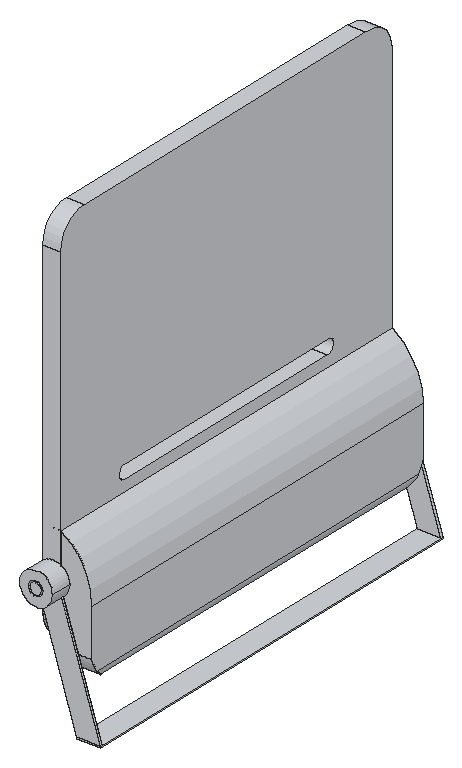
Revit family "2824026", category Generic Models, host Face, Revit 2018
Family settings
  Host = Face
  Can host rebar = No
  Round Connector Dimension = Use Diameter
  Part Type = Normal
  OmniClass Number = 23.80.70.00
  OmniClass Title = Lighting
  Cut with Voids When Loaded = No
  Shared = No
  Room Calculation Point = No
Parameters (values of type "Type Name")
  rotation axis = 142.4 mm
  bracket width = 588 mm
  URL = "http://www.sylvania-lighting.com"
  Type Image = <None>
  Type Comments = "n/a"
  Material_3_SYL = none
  Model = ""
  Manufacturer = "Feilo Sylvania"
  Keynote = ""
  Material_2_SYL = none
  Height = 157.859 mm
  Description = ""
  Default Elevation = 1219.2 mm
  Cost = 0
  Material_1_SYL = none
  Bracket Height = 195 mm
  Assembly Code = ""
  Material_4_SYL = none
Reference planes
  plane 1 "Center (Front/Back)": y = 0
  plane 2: z = 0
  plane 3 "Center (Left/Right)": x = 0
  plane 4: x = -16.5
  plane 5: x = 16.5
  plane 6: z = 155
  plane 7: x = -51.5
  plane 8: z = 137
  plane 9 "Rotation Axis": z = 142.4
  plane 10: z = 152.35
  plane 11: z = 195
  plane 12: x = -73.847
  plane 13: y = 294
  plane 14: y = -294
  plane 15: through (-72.693, -4572, 174.07) normal (-0.3105, 0, 0.9506)
  plane 16: through (-63.557, -4572, 193.954) normal (0.9506, 0, 0.3105)
  plane 17: y = 312
  plane 18: y = 288
  plane 19: y = -312
  plane 20: y = -286
  plane 21: z = 65
Forms (mm)
  Extrusion 1, solid, detail levels medium+fine
    sketch origin (0, 0, 0) x (1, 0, 0) y (0, 1, 0)
      loop
        line (-16.5, 294) -> (-16.5, -294) -> (16.5, -294) -> (16.5, 294) -> (-16.5, 294)
    from 0 to 2
  Extrusion 2, solid, detail levels medium+fine
    sketch origin (1524, -474.9, 1220.035) x (1, 0, 0) y (0, 0, 1)
      loop
        line (-1540.496, -1218.035) -> (-1507.966, -1218.035) -> (-1567.674, -1035.217)
        arc (-1567.674, -1035.217) -> (-1587.557, -1026.081) -> (-1596.693, -1045.965) r 15.473
        line (-1596.693, -1045.965) -> (-1540.496, -1218.035)
    from -180.9 to -182.9
  Extrusion 3, solid, detail levels medium+fine
    sketch origin (0, 0, 0.069) x (1, 0, 0) y (0, 0, 1)
      loop
        line (-16.39, 1.931) -> (16.139, 1.931) -> (-43.636, 184.958)
        arc (-43.636, 184.958) -> (-63.457, 193.922) -> (-72.656, 174.21) r 15.474
        line (-72.656, 174.21) -> (-16.39, 1.931)
    from -294 to -292
  Extrusion 4, solid, detail levels medium+fine
    sketch origin (-6.388, 0, 36.204) x (1, 0, 0) y (0, 0, 1)
      loop
        circle (-51.99, 142.374) r 22.5
    from -286.248 to -312
  Extrusion 5, solid, detail levels medium+fine
    sketch origin (-6.358, 0, 36.195) x (1, 0, 0) y (0, 0, 1)
      loop
        circle (-51.99, 142.374) r 22.5
    from 283.024 to 312
  Extrusion 6, void
    sketch origin (-6.561, 0, 36.284) x (1, 0, 0) y (0, 0, 1)
      loop
        circle (-51.99, 142.374) r 10
    from 294 to 312
  Extrusion 7, solid, detail levels fine
    sketch origin (-6.561, 0, 36.201) x (1, 0, 0) y (0, 0, 1)
      loop
        circle (-51.99, 142.374) r 7.5
    from 294 to 312
  Extrusion 8, void
    sketch origin (1517.357, -324.9, 1255.472) x (1, 0, 0) y (0, 0, 1)
      loop
        circle (-1575.99, -1076.826) r 10
    from -636.9 to -618.9
  Extrusion 9, solid, detail levels fine
    sketch origin (1517.42, -324.9, 1255.374) x (1, 0, 0) y (0, 0, 1)
      loop
        circle (-1575.99, -1076.826) r 7.5
    from -636.9 to -618.9
  Revolve 10, solid, not visible, detail levels coarse
    sketch origin (-58.257, 1655.459, 1254.912) x (0, 1, 0) y (0, 0, 1)
      loop
        line (-1369.21, -1054.349) -> (-1379.437, -1054.349) -> (-1379.437, -1074.349) -> (-1369.21, -1074.349) -> (-1369.21, -1054.349)
      axis (-1369.21, -1076.8) -> (-1379.437, -1076.8)
    angle from 0 to 180
Cuts and joins
  Extrusion 6 cuts Extrusion 5
  Extrusion 8 cuts Extrusion 4
Dimensions and locks
  "Bracket Height": plane 11 to level
  "bracket width": plane 14 to plane 13
  equal spacing: plane 14, plane 1 "Center (Front/Back)", plane 13
  aligned and locked: plane 2 to host face
  aligned and locked: level to host face
Automatic sketch dimensions
  host sketch curve to host sketch curve = 2438.4 mm  (x2)
  Extrusion 1 sketch curve to plane 4 = 0 mm
  Extrusion 1 sketch curve to plane 5 = 0 mm
  Extrusion 4 sketch curve to plane 9 "Rotation Axis" = 36.178 mm
  Extrusion 5 sketch curve to plane 9 "Rotation Axis" = 36.169 mm
  Extrusion 6 sketch curve to plane 9 "Rotation Axis" = 36.258 mm
  Extrusion 7 sketch curve to plane 9 "Rotation Axis" = 36.175 mm
  Extrusion 8 sketch curve to plane 9 "Rotation Axis" = 36.246 mm
  Extrusion 9 sketch curve to plane 9 "Rotation Axis" = 36.148 mm
  Revolve 10 sketch curve to plane 9 "Rotation Axis" = 35.712 mm
  Revolve 10 sketch curve to Revolve 10 sketch curve = 10.227 mm
  Revolve 10 sketch curve to plane 9 "Rotation Axis" = 38.163 mm
  plane 6 to Revolve 10 sketch curve = 45.563 mm
  Revolve 10 sketch curve to Revolve 10 sketch curve = 62.43 mm
  Revolve 10 sketch curve to Revolve 10 sketch curve = 22.367 mm
  plane 12 to Extrusion 2 sketch curve = 1.154 mm
  plane 7 to Extrusion 2 sketch curve = 6.684 mm
  Extrusion 2 sketch curve to plane 7 = 7.826 mm
  plane 4 to Extrusion 2 sketch curve = 0.004 mm
  level to Extrusion 2 sketch curve = 2 mm
  plane 6 to Extrusion 2 sketch curve = 19.07 mm
  Extrusion 2 sketch curve to Extrusion 2 sketch curve = 5.374 mm
  Extrusion 2 sketch curve to plane 5 = 0.466 mm
  plane 12 to Extrusion 3 sketch curve = 1.191 mm
  plane 7 to Extrusion 3 sketch curve = 6.582 mm
  Extrusion 3 sketch curve to plane 7 = 7.864 mm
  plane 4 to Extrusion 3 sketch curve = 0.11 mm
  Extrusion 3 sketch curve to plane 5 = 0.361 mm
  level to Extrusion 3 sketch curve = 2 mm
  Extrusion 3 sketch curve to Extrusion 3 sketch curve = 5.202 mm
  Extrusion 3 sketch curve to plane 11 = 9.973 mm
  plane 7 to Extrusion 6 sketch curve = 7.052 mm
  plane 7 to Extrusion 7 sketch curve = 7.051 mm
  plane 7 to Extrusion 9 sketch curve = 7.07 mm
  plane 7 to Extrusion 4 sketch curve = 6.879 mm
  plane 7 to Extrusion 5 sketch curve = 6.848 mm
  plane 7 to Extrusion 8 sketch curve = 7.133 mm
  Extrusion 1 sketch curve to plane 13 = 0 mm
  Extrusion 1 sketch curve to plane 14 = 0 mm
  Revolve 10 sketch curve to plane 18 = 11.979 mm
  radius of Extrusion 4 sketch curve = 22.5 mm
  radius of Extrusion 5 sketch curve = 22.5 mm
  radius of Extrusion 6 sketch curve = 10 mm
  radius of Extrusion 7 sketch curve = 7.5 mm
  radius of Extrusion 8 sketch curve = 10 mm
  radius of Extrusion 9 sketch curve = 7.5 mm
Nested families
  nested 1: "2824026" at (-58.257, -66.342, 317.5) x (0, 1, 0) z (1, 0, 0), type "2824026 RAIDEN IP66 50KLM 830 ASYM"
    with built-in parameter 1114216 (empty or 0)
Definition of nested family "2824026"
  Parameters (values of type "2824026 RAIDEN IP66 50KLM 830 ASYM")
    height = 60 mm
    Width = 319 mm
    Wattage Comments = "n/a"
    Wattage = 9.2903 W
    built-in parameter 1150110 = 1 (stored number, unit not read)
    URL = "0.95"
    Type Image = (empty or 0)
    Type Comments = "n/a"
    built-in parameter 1114217 = 1 (stored number, unit not read)
    Tilt Angle = -90.00°
    built-in parameter 1150109 = 1 (stored number, unit not read)
    built-in parameter 1150134 = 3
    built-in parameter 1150113 = 1 (stored number, unit not read)
    Photometric Web File = "2824026.IES"
    Material_3_SYL = none
    Model = "Raiden IP66 50KLM 830 Asymmetric Wide"
    Manufacturer = ""
    built-in parameter 1150105 = 109.82 (stored number, unit not read)
    Lumens = 1380 lm
    built-in parameter 1150115 = 1 (stored number, unit not read)
    built-in parameter 1150137 = (empty or 0)
    built-in parameter 1150139 = (empty or 0)
    Length = 511 mm
    built-in parameter 1150112 = 1 (stored number, unit not read)
    built-in parameter 1150114 = 1 (stored number, unit not read)
    Lamp = "n/a"
    Keynote = "n/a"
    Material_2_SYL = none
    built-in parameter 1150132 = (empty or 0)
    built-in parameter 1150102 = (empty or 0)
    built-in parameter 1150107 = 3200 (stored number, unit not read)
    built-in parameter 1150138 = (empty or 0)
    built-in parameter 1150106 = 1.0982 (stored number, unit not read)
    Emit from Circle Diameter = 609.6 mm
    Emit Shape Visible in Rendering = no
    built-in parameter 1150104 = 13.8 (stored number, unit not read)
    Dimming Lamp Color Temperature Shift = (empty or 0)
    Description = "Outdoor and indoor floodlight range with in house design, comes complete with 1m flying lead and adjustable bracket, aluminium housing, RAL 9022 - Pearl light grey, clear glass diffuser, IP66, IK08, Class I, 3000K, Non-dimming, 49100lm, 375W, 131lm/W, CRI80, Asymmetric Wide beam angle 110*50°, 100000 hrs L80B50 lifespan, 561x569x76mm (LxWxH) dimensions, 13.9kg weight."
    Default Elevation = 1219.2 mm
    Cost = 0
    Color Filter = 16777215
    built-in parameter 1114216 [instance] = (empty or 0)
    Material_1_SYL = none
    Body Length = 561 mm
    built-in parameter 1114218 = 1 (stored number, unit not read)
    built-in parameter 1150133 = 10 (stored number, unit not read)
    Assembly Code = "D5020200"
    Apparent Load = 375 VA
    Material_4_SYL = none
  Reference planes
    plane 1 "Center (Front/Back)": y = 2.5
    plane 2: z = 0.95
    plane 3 "Center (Left/Right)": x = 68.124
    plane 4: z = -14.05
    plane 5: z = 15.95
    plane 6: z = 0.95
    plane 7: z = 45.95
    plane 8: y = -253
    plane 9: y = -56
    plane 10: x = 253.624
    plane 11: x = -117.376
    plane 12: x = -123.376
    plane 13: y = -226
    plane 14: y = -76
    plane 15: y = -41.5
    plane 16: y = -213
    plane 17: x = 187.624
    plane 18: x = 259.624
    plane 19: x = 352.624
    plane 20: x = -216.376
    plane 21: x = -194.376
    plane 22: x = 330.624
    plane 23: y = 308
    plane 24: y = 286
    plane 25: x = 322.624
  Forms (mm)
    Extrusion 1, solid
      sketch origin (26.073, 0, 0.95) x (1, 0, 0) y (0, 1, 0)
        loop
          line (-1219.2, 1219.2) -> (-1219.2, -1219.2) -> (1219.2, -1219.2) -> (1219.2, 1219.2) -> (-1219.2, 1219.2)
      from 0 to -68.017
    Extrusion 2, solid, detail levels medium+fine
      sketch origin (83.124, -34.451, 0.95) x (1, 0, 0) y (0, 1, 0)
        loop
          line (-299.5, 302.451) -> (-299.5, -151.549)
          arc (-299.5, -151.549) -> (-287.784, -179.833) -> (-259.5, -191.549) r 40
          line (-259.5, -191.549) -> (229.5, -191.549)
          arc (229.5, -191.549) -> (257.784, -179.833) -> (269.5, -151.549) r 40
          line (269.5, -151.549) -> (269.5, 303.451)
          arc (269.5, 303.451) -> (256.273, 332.849) -> (225.5, 342.451) r 39.284
          line (225.5, 342.451) -> (-259.5, 342.451)
          arc (-259.5, 342.451) -> (-287.784, 330.735) -> (-299.5, 302.451) r 40
      from -15 to 9.702
    Extrusion 3, solid, detail levels medium+fine
      sketch origin (402.124, 1489.549, 1205.15) x (0, 1, 0) y (0, 0, 1)
        loop
          line (-1644.468, -1151.519) -> (-1728.014, -1151.519)
          arc (-1728.014, -1151.519) -> (-1739.904, -1157.404) -> (-1742.436, -1170.427) r 14.954
          line (-1742.436, -1170.427) -> (-1715.549, -1219.2) -> (-1565.549, -1219.2) -> (-1565.549, -1194.2)
          arc (-1565.549, -1194.2) -> (-1599.607, -1162.873) -> (-1644.468, -1151.519) r 94.303
      from -618.5 to -49.5
    Extrusion 4, void
      sketch origin (81.72, -11.578, 0.95) x (1, 0, 0) y (0, 1, 0)
        loop
          arc (-276.096, 29.078) -> (-271.703, 18.471) -> (-261.096, 14.078) r 15
          line (-261.096, 14.078) -> (233.904, 14.078)
          arc (233.904, 14.078) -> (244.51, 18.471) -> (248.904, 29.078) r 15
          line (248.904, 29.078) -> (248.904, 282.578)
          arc (248.904, 282.578) -> (244.51, 293.184) -> (233.904, 297.578) r 15
          line (233.904, 297.578) -> (-261.096, 297.578)
          arc (-261.096, 297.578) -> (-271.703, 293.184) -> (-276.096, 282.578) r 15
          line (-276.096, 282.578) -> (-276.096, 29.078)
      from -16.268 to -10.594
    Extrusion 5, solid, detail levels fine
      sketch origin (83.124, 0.218, 0.95) x (1, 0, 0) y (0, 1, 0)
        loop
          arc (-262.5, 285.782) -> (-273.107, 281.388) -> (-277.5, 270.782) r 15
          line (-277.5, 270.782) -> (-277.5, 17.282)
          arc (-277.5, 17.282) -> (-273.107, 6.675) -> (-262.5, 2.282) r 15
          line (-262.5, 2.282) -> (232.5, 2.282)
          arc (232.5, 2.282) -> (243.107, 6.675) -> (247.5, 17.282) r 15
          line (247.5, 17.282) -> (247.5, 270.782)
          arc (247.5, 270.782) -> (243.107, 281.388) -> (232.5, 285.782) r 15
          line (232.5, 285.782) -> (-262.5, 285.782)
      from -12.231 to -10.594
    Extrusion 6, void
      sketch origin (58.977, -53.062, 0.95) x (1, 0, 0) y (0, 1, 0)
        loop
          arc (184.512, -8.423) -> (194.512, 1.577) -> (184.512, 11.577) r 10
          line (184.512, 11.577) -> (-166.339, 11.577)
          arc (-166.339, 11.577) -> (-176.339, 1.577) -> (-166.339, -8.423) r 10
          line (-166.339, -8.423) -> (184.512, -8.423)
      from -18.734 to 12.525
    Extrusion 7, void
      sketch origin (68.124, -34.451, 0) x (0, 1, 0) y (0, 0, 1)
        loop
          line (-253.049, 15.95) -> (-253.049, -34.125) -> (-191.549, -30.902) -> (-191.549, 15.95) -> (-253.049, 15.95)
      from 191.5 to 306.113
    Extrusion 8, void
      sketch origin (68.124, -34.451, 0) x (0, 1, 0) y (0, 0, 1)
        loop
          line (-191.549, 15.95) -> (-275.432, 15.95) -> (-275.432, -28.004) -> (-191.549, -28.004) -> (-191.549, 15.95)
      from -308.216 to -191.5
    Extrusion 9, void
      sketch origin (-101.376, -126, 0.95) x (1, 0, 0) y (0, 1, 0)
        loop
          line (-115, -60) -> (-115, -100) -> (-75, -100)
          arc (-75, -100) -> (-103.284, -88.284) -> (-115, -60) r 40
      from -22.043 to 15
    Extrusion 10, void
      sketch origin (216.954, 19.065, 0.95) x (1, 0, 0) y (0, 1, 0)
        loop
          line (95.67, -245.065) -> (135.67, -245.065) -> (135.67, -205.065)
          arc (135.67, -205.065) -> (123.954, -233.349) -> (95.67, -245.065) r 40
      from -24.354 to 15
    Extrusion 11, solid, detail levels medium+fine
      sketch origin (1742.042, -359.351, 1205.129) x (1, 0, 0) y (0, 0, 1)
        loop
          circle (-1419.5, -1204.2) r 11
      from -140.977 to -106.464
    Extrusion 12, void
      sketch origin (-125, 0, 0.95) x (1, 0, 0) y (0, 1, 0)
        loop
          line (-91.376, -186) -> (-91.376, -226) -> (-51.376, -226)
          arc (-51.376, -226) -> (-79.66, -214.284) -> (-91.376, -186) r 40
      from -15 to 15
    Extrusion 13, void
      sketch origin (-125.5, 7.123, 0.95) x (1, 0, 0) y (0, 1, 0)
        loop
          line (-91.376, -221) -> (-91.376, -261) -> (-51.376, -261)
          arc (-51.376, -261) -> (-79.66, -249.284) -> (-91.376, -221) r 40
      from 0 to 100
    Extrusion 14, void
      sketch origin (125, 3.379, 0.95) x (1, 0, 0) y (0, 1, 0)
        loop
          arc (227.624, -217.683) -> (215.905, -245.976) -> (187.612, -257.696) r 40.012
          line (187.612, -257.696) -> (227.624, -257.696) -> (227.624, -217.683)
      from 12.525 to 100
    Extrusion 15, solid, detail levels coarse
      sketch origin (0, 0, 0.95) x (1, 0, 0) y (0, 1, 0)
        loop
          line (-216.376, 308) -> (-216.376, -252.887) -> (352.624, -252.887) -> (352.624, 308) -> (-216.376, 308)
      from -15 to 52.681
  Cuts and joins
    Extrusion 4, Extrusion 6, Extrusion 7, Extrusion 8, Extrusion 9, Extrusion 10, Extrusion 12 cuts Extrusion 2
    Extrusion 6, Extrusion 7, Extrusion 8, Extrusion 9, Extrusion 10, Extrusion 12, Extrusion 13, Extrusion 14 cuts Extrusion 3
    Extrusion 14 cuts Extrusion 11
  Dimensions and locks
    "height": plane 4 to plane 7
    plane 1 "Center (Front/Back)" to plane 8 = 255.5 mm
    Extrusion 15 to Extrusion 2 = 534 mm
    plane 1 "Center (Front/Back)" to Extrusion 5 = 283.5 mm
    "Body Length": plane 23 to plane 8
    aligned and locked: plane 2 to Extrusion 1
    aligned and locked: level to Extrusion 1
  Automatic sketch dimensions
    Extrusion 1 sketch curve to Extrusion 1 sketch curve = 2438.4 mm  (x2)
    Extrusion 4 sketch curve to plane 3 "Center (Left/Right)" = 262.5 mm
    Extrusion 4 sketch curve to Extrusion 4 sketch curve = 15 mm  (x3)
    plane 1 "Center (Front/Back)" to Extrusion 4 sketch curve = 0 mm
    Extrusion 4 sketch curve to Extrusion 4 sketch curve = 253.5 mm
    Extrusion 5 sketch curve to plane 3 "Center (Left/Right)" = 262.5 mm
    Extrusion 5 sketch curve to Extrusion 5 sketch curve = 15 mm  (x2)
    plane 1 "Center (Front/Back)" to Extrusion 5 sketch curve = 0 mm
    Extrusion 5 sketch curve to Extrusion 5 sketch curve = 253.5 mm
    Extrusion 7 sketch curve to plane 5 = 0 mm
    Extrusion 7 sketch curve to plane 4 = 16.852 mm
    Extrusion 7 sketch curve to plane 4 = 20.075 mm
    Extrusion 8 sketch curve to plane 5 = 0 mm
    Extrusion 8 sketch curve to plane 4 = 13.954 mm
    Extrusion 8 sketch curve to Extrusion 8 sketch curve = 83.883 mm
    Extrusion 9 sketch curve to plane 3 "Center (Left/Right)" = 284.5 mm
    Extrusion 9 sketch curve to Extrusion 9 sketch curve = 40 mm
    Extrusion 11 sketch curve to level = 0.021 mm
    Extrusion 10 sketch curve to Extrusion 10 sketch curve = 40 mm
    plane 13 to Extrusion 12 sketch curve = 0 mm
    Extrusion 13 sketch curve to plane 16 = 0.877 mm
    Extrusion 13 sketch curve to plane 8 = 0.877 mm
    plane 17 to Extrusion 14 sketch curve = 124.988 mm
    Extrusion 14 sketch curve to plane 16 = 1.305 mm
    Extrusion 14 sketch curve to plane 8 = 1.317 mm
    Extrusion 7 sketch curve to plane 13 = 0 mm
    Extrusion 7 sketch curve to plane 8 = 34.5 mm
    Extrusion 8 sketch curve to plane 13 = 0 mm
    Extrusion 9 sketch curve to plane 13 = 0 mm
    Extrusion 10 sketch curve to plane 13 = 0 mm
    plane 9 to Extrusion 6 sketch curve = 14.516 mm
    plane 14 to Extrusion 6 sketch curve = 14.516 mm
    plane 11 to Extrusion 6 sketch curve = 10.014 mm
    Extrusion 6 sketch curve to plane 10 = 10.135 mm
    Extrusion 3 sketch curve to plane 4 = 0 mm
    Extrusion 3 sketch curve to plane 13 = 0 mm
    Extrusion 3 sketch curve to plane 14 = 0 mm
    plane 8 to Extrusion 3 sketch curve = 14.535 mm
    plane 8 to Extrusion 3 sketch curve = 0.113 mm
    Extrusion 3 sketch curve to plane 4 = 26.622 mm
    Extrusion 3 sketch curve to plane 7 = 11.227 mm
    Extrusion 3 sketch curve to plane 7 = 7.273 mm
    Extrusion 3 sketch curve to plane 5 = 5 mm
    plane 8 to Extrusion 15 sketch curve = 0.113 mm
    Extrusion 15 sketch curve to plane 20 = 0 mm
    plane 17 to Extrusion 4 sketch curve = 128 mm  (x2)
    plane 17 to Extrusion 5 sketch curve = 128 mm  (x2)
    Extrusion 10 sketch curve to plane 19 = 0 mm
    plane 17 to Extrusion 11 sketch curve = 134.918 mm
    Extrusion 15 sketch curve to plane 19 = 0 mm
    Extrusion 15 sketch curve to plane 23 = 0 mm
    Extrusion 12 sketch curve to plane 20 = 0 mm
    plane 21 to Extrusion 12 sketch curve = 18 mm
    Extrusion 5 sketch curve to plane 22 = 0 mm
    Extrusion 2 sketch curve to plane 20 = 0 mm
    Extrusion 2 sketch curve to plane 13 = 0 mm
    Extrusion 2 sketch curve to plane 23 = 0 mm
    Extrusion 2 sketch curve to plane 19 = 0 mm
    plane 21 to Extrusion 2 sketch curve = 18 mm  (x2)
    Extrusion 2 sketch curve to plane 22 = 18 mm
    Extrusion 2 sketch curve to plane 24 = 17 mm
    Extrusion 2 sketch curve to Extrusion 2 sketch curve = 39.284 mm
    Extrusion 13 sketch curve to plane 20 = 0.5 mm
    radius of Extrusion 11 sketch curve = 11 mm
  Connectors
    electrical at (322.542, -252.887, 0.929)
      settings: on Extrusion 11, index 1, voltage 0 V, apparent load 0 VA, apparent load phase1 0 VA, apparent load phase2 0 VA, apparent load phase3 0 VA, power factor 1, load classification none, number of poles 1, system type 31, power factor state 1, is connector primary yes, connector utility no, sub classification motor no, connector description ""
